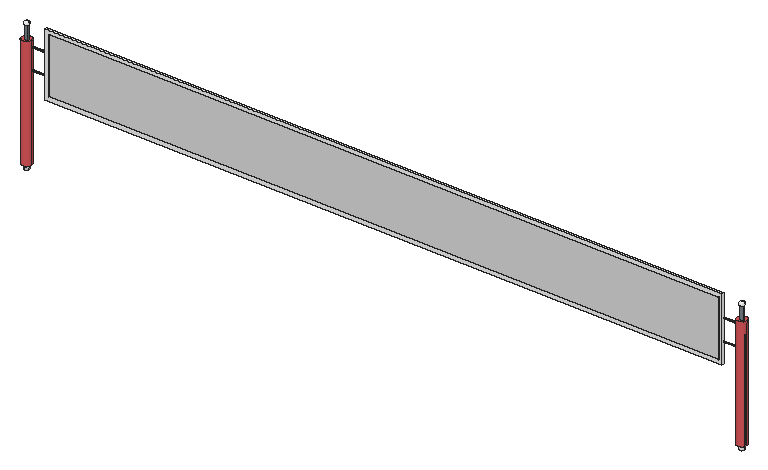
Revit family "Volleyball-System_CarbonLite-Composite_VB7222", category Specialty Equipment, Revit 2018
Family settings
  Round Connector Dimension = Use Diameter
  Part Type = Normal
  OmniClass Number = 23.40.50.34.24
  OmniClass Title = Nets
  Work Plane-Based = Yes
  Always vertical = Yes
  Cut with Voids When Loaded = No
  Shared = No
  Room Calculation Point = No
Parameters (values of type "as Specified")
  Warranty Duration (Years) = 0
  URL = "https://ipibybison.com/"
  Top of Net [instance] = 6' - 10"
  Test Data = "http://www.ipibybison.com/ToolBox.php"
  Standards Conformance = "as Specified"
  Specification = "https://www.arcat.com/arcatcos/cos49/arc49571.html"
  SpecWizard = "https://www.arcat.com/specwizard/specwizard.shtml"
  Sales Information = "http://www.ipibybison.com/DealersPage.php"
  Rim Color [instance] = Finish - IPI by Bison - White
  Revision = "R1_2018-09"
  Product Properties = "http://www.ipibybison.com/products.php"
  Product Data = "http://www.arcat.com/arcatcos/cos38/arc38554.html"
  Padding Height [instance] = 6' - 0"
  Padding Color [instance] = Plastic - IPI by Bison - Scarlet SC
  Net Color [instance] = Finish - IPI by Bison - White Netting
  Model = "As Specified"
  Manufacturer Website = "http://www.ipibybison.com/"
  Manufacturer Phone - Toll Free = "888-438-5311"
  Manufacturer Phone = "888-438-5311"
  Manufacturer Fax = "888-438-5312"
  Manufacturer Address = "603 L St.   Lincoln, NE 68508"
  Manufacturer = "BRP by bison"
  Maintenance Schedule (Months) = 0
  Keynote = "11 66 00"
  Installation-Fabrication = "http://www.ipibybison.com/InstallersPage.php"
  Installation Phase = ""
  Include Post Padding [instance] = yes
  Green Building-LEED = "https://www.arcat.com/green/green_building.shtml"
  Frame Finish [instance] = Finish - IPI by Bison - CarbonLite Composite
  Foot Color [instance] = Finish - IPI by Bison - Chrome
  Expected Lifespan (Years) = 0
  Drawn By = "Sumex Design, Inc. / Robert S. Weygant, CSI, CDT, SCIP"
  Description = "IPI by Bison Gymnasium Equipment"
  Default Elevation = 0' - 0"
  Copyright = "©Arcat Inc."
  Construction Details = "https://www.arcat.com/downloads/38554-brpbis/bim/bison/BRP%20by%20bison"
  Center to Center Posts = 37' - 0"
  Category = ""
  Building Codes = "https://www.brpbybison.com/submittals.html"
  Assembly Code = "E1090"
Reference planes (in)
  plane 1 "Center (Front/Back)": y = 0
  plane 2 "Bottom": z = 0
  plane 3 "Center (Left/Right)": x = 0
  plane 4: through (0, 49.70196, 109.48259) normal (0, 0.0101, 0.9999)
  plane 5: through (0, 57.67625, 95.78495) normal (0, 0.0101, 0.9999)
  plane 6: through (0, 22.48153, 47.07738) normal (0, 0.74, 0.6726)
  plane 7: z = 82
  plane 8: x = -222
  plane 9: x = 222
  plane 10: z = 42.625
  plane 11: z = 68.875
  plane 12: z = 55.75
  plane 13: x = -210
  plane 14: x = 210
Forms (in)
  Extrusion 1, solid, material "Plastic - IPI by Bison - Scarlet SC" <- "Padding Color", visible <- "Include Post Padding"
    sketch origin (0, 0, 0) x (1, 0, 0) y (0, 1, 0)
      loop
        circle (-222, 0) r 3
      loop
        circle (222, 0) r 3
    from 3 to 72 <- "Padding Height"
  Revolve 2, solid
    sketch origin (0, 0, 0) x (1, 0, 0) y (0, 0, 1)
      loop
        line (-222, 0) -> (-220.5, 0) -> (-220.5, 1.25) -> (-221.25, 1.25) -> (-221.25, 2.25) -> (-222, 2.25) -> (-222, 0)
      axis (-222, 2.25) -> (-222, 0)
    angle from 0 to 360
  Revolve 3, solid, material "Finish - IPI by Bison - Chrome" <- "Foot Color"
    sketch origin (0, 0, 0) x (-1, 0, 0) y (0, 0, 1)
      loop
        line (-222, 0) -> (-220.5, 0) -> (-220.5, 1.25) -> (-221.25, 1.25) -> (-221.25, 2.25) -> (-222, 2.25) -> (-222, 0)
      axis (-222, 2.25) -> (-222, 0)
    angle from 0 to 360
  Extrusion 4, solid, material "Finish - IPI by Bison - White" <- "Rim Color"
    sketch origin (0, 0, 0) x (1, 0, 0) y (0, 0, 1)
      loop
        line (-210, 82) -> (-210, 42.625) -> (210, 42.625) -> (210, 82) -> (-210, 82)
      loop
        line (-208, 80) -> (-208, 44.625) -> (208, 44.625) -> (208, 80) -> (-208, 80)
    from 0.5 to -0.5
  Extrusion 5, solid, material "Finish - IPI by Bison - White" <- "Rim Color"
    sketch origin (0, 0, 0) x (1, 0, 0) y (0, 0, 1)
      loop
        line (-222, 69.125) -> (-222, 68.625) -> (-208.75, 68.625) -> (-208.75, 69.125) -> (-222, 69.125)
      loop
        line (-222, 56) -> (-222, 55.5) -> (-208.75, 55.5) -> (-208.75, 56) -> (-222, 56)
      loop
        line (222, 69.125) -> (208.75, 69.125) -> (208.75, 68.625) -> (222, 68.625) -> (222, 69.125)
      loop
        line (222, 56) -> (208.75, 56) -> (208.75, 55.5) -> (222, 55.5) -> (222, 56)
    from 0.25 to -0.25
  Extrusion 6, solid, material "Finish - IPI by Bison - White Netting" <- "Net Color"
    sketch origin (0, 0, 0) x (1, 0, 0) y (0, 0, 1)
      loop
        line (-208, 80) -> (-208, 44.625) -> (208, 44.625) -> (208, 80) -> (-208, 80)
    from 0.25 to -0.25
  Revolve 7, solid, material "Finish - IPI by Bison - CarbonLite Composite" <- "Frame Finish"
    sketch origin (0, 0, 0) x (1, 0, 0) y (0, 0, 1)
      loop
        line (-221, 80.5) -> (-222, 80.5) -> (-222, 2.25) -> (-220.5, 2.25) -> (-220.5, 70) -> (-221, 70) -> (-221, 80.5)
      axis (-222, 2.25) -> (-222, 80.5)
    angle from 0 to 360
  Revolve 8, solid, material "Finish - IPI by Bison - CarbonLite Composite" <- "Frame Finish"
    sketch origin (0, 0, 0) x (-1, 0, 0) y (0, 0, 1)
      loop
        line (-221, 80.5) -> (-222, 80.5) -> (-222, 2.25) -> (-220.5, 2.25) -> (-220.5, 70) -> (-221, 70) -> (-221, 80.5)
      axis (-222, 2.25) -> (-222, 80.5)
    angle from 0 to 360
  Revolve 9, solid, material "Finish - IPI by Bison - White" <- "Rim Color"
    sketch origin (0, 0, 0) x (1, 0, 0) y (0, 0, 1)
      loop
        line (-222, 82) -> (-222, 80.5) -> (-220.5, 80.5)
        arc (-220.5, 80.5) -> (-220.93934, 81.56066) -> (-222, 82) r 1.5
      axis (-222, 82) -> (-222, 80.5)
    angle from 0 to 360
  Revolve 10, solid, material "Finish - IPI by Bison - Chrome" <- "Foot Color"
    sketch origin (0, 0, 0) x (-1, 0, 0) y (0, 0, 1)
      loop
        line (-222, 82) -> (-222, 80.5) -> (-220.5, 80.5)
        arc (-220.5, 80.5) -> (-220.93934, 81.56066) -> (-222, 82) r 1.5
      axis (-222, 82) -> (-222, 80.5)
    angle from 0 to 360
Dimensions and locks (in)
  equal spacing: plane 8, plane 3 "Center (Left/Right)", plane 9
  "Center to Center Posts": plane 8 to plane 9
  locked: plane 1 "Center (Front/Back)" to Extrusion 1 sketch curve at 0
  locked: plane 8 to Extrusion 1 sketch curve at 0
  locked: plane 9 to Extrusion 1 sketch curve
  locked: Extrusion 1 sketch curve to plane 1 "Center (Front/Back)" at 0
  "Top of Net": plane 7 to level
  locked: plane 7 to plane 10 at 39.375
  equal spacing: plane 7, plane 11, plane 12, plane 10
  locked: plane 13 to plane 8 at 12
  locked: plane 9 to plane 14 at 12
  locked: plane 7 to Extrusion 4 sketch curve at 2
  locked: Extrusion 4 sketch curve to plane 10 at 2
  locked: Extrusion 4 sketch curve to plane 14 at 2
  locked: Extrusion 4 sketch curve to plane 13 at 2
  locked: Extrusion 5 sketch curve to plane 13 at 1.25  (x2)
  locked: Extrusion 5 sketch curve to plane 14 at 1.25  (x2)
  locked: Extrusion 6 sketch curve to plane 14 at 2
  locked: Extrusion 6 sketch curve to plane 13 at 2
  locked: plane 7 to Extrusion 6 sketch curve at 2
  locked: Extrusion 6 sketch curve to plane 10 at 2
  locked: Revolve 7 sketch curve to level at 70
  locked: Revolve 8 sketch curve to level at 70
  aligned and locked: Revolve 2 sketch curve to plane 8
  aligned and locked: Revolve 3 sketch curve to plane 9
  aligned and locked: Extrusion 4 sketch curve to plane 7
  aligned and locked: Extrusion 4 sketch curve to plane 10
  aligned and locked: plane 14 to Extrusion 4 sketch curve
  aligned and locked: Extrusion 4 sketch curve to plane 13
  aligned and locked: plane 8 to Extrusion 5 sketch curve  (x2)
  aligned and locked: plane 9 to Extrusion 5 sketch curve  (x2)
  aligned and locked: Revolve 9 sketch curve to plane 8  (x2)
  aligned and locked: Revolve 10 sketch curve to plane 9  (x2)
Automatic sketch dimensions
  Revolve 2 sketch curve to level = 0' - 0"
  Revolve 2 sketch curve to plane 8 = 0' - 0"
  plane 8 to Revolve 2 sketch curve = 0' - 0 3/4"
  Revolve 2 sketch curve to Revolve 2 sketch curve = 0' - 0 3/4"
  Revolve 2 sketch curve to Revolve 2 sketch curve = 0' - 1 1/4"
  Revolve 2 sketch curve to Revolve 2 sketch curve = 0' - 1"
  Revolve 2 sketch curve to level = 0' - 3.01959"
  Revolve 2 sketch curve to Revolve 2 sketch curve = 1' - 0.48041"
  Revolve 3 sketch curve to level = 0' - 0"
  Revolve 3 sketch curve to plane 9 = 0' - 0"
  plane 9 to Revolve 3 sketch curve = 0' - 0 3/4"
  Revolve 3 sketch curve to Revolve 3 sketch curve = 0' - 0 3/4"
  Revolve 3 sketch curve to level = 0' - 1 1/4"
  Revolve 3 sketch curve to Revolve 3 sketch curve = 0' - 1"
  Revolve 3 sketch curve to Revolve 3 sketch curve = 0' - 3.01959"
  Revolve 3 sketch curve to Revolve 3 sketch curve = 1' - 0.48041"
  Extrusion 5 sketch curve to plane 12 = 0' - 0 1/4"  (x2)
  plane 12 to Extrusion 5 sketch curve = 0' - 0 1/4"  (x2)
  Extrusion 5 sketch curve to plane 11 = 0' - 0 1/4"  (x2)
  plane 11 to Extrusion 5 sketch curve = 0' - 0 1/4"  (x2)
  Revolve 7 sketch curve to plane 8 = 0' - 0"  (x2)
  plane 8 to Revolve 7 sketch curve = 0' - 1"
  plane 8 to Revolve 7 sketch curve = 0' - 1 1/2"
  level to Revolve 7 sketch curve = 0' - 2 1/4"
  Revolve 7 sketch curve to plane 7 = 0' - 1 1/2"
  Revolve 7 sketch curve to level = 0' - 2 3/8"
  Revolve 7 sketch curve to Revolve 7 sketch curve = 0' - 4 7/8"
  Revolve 8 sketch curve to plane 9 = 0' - 0"  (x2)
  plane 9 to Revolve 8 sketch curve = 0' - 1"
  plane 9 to Revolve 8 sketch curve = 0' - 1 1/2"
  Revolve 8 sketch curve to level = 0' - 2 1/4"
  plane 7 to Revolve 8 sketch curve = 0' - 1 1/2"
  level to Revolve 8 sketch curve = 0' - 2 3/8"
  Revolve 8 sketch curve to Revolve 8 sketch curve = 0' - 4 7/8"
  Revolve 9 sketch curve to plane 7 = 0' - 0"  (x2)
  Revolve 9 sketch curve to Revolve 9 sketch curve = 0' - 1 1/2"
  Revolve 9 sketch curve to Revolve 9 sketch curve = 0' - 0"
  Revolve 10 sketch curve to plane 7 = 0' - 0"  (x2)
  Revolve 10 sketch curve to Revolve 10 sketch curve = 0' - 1 1/2"
  Revolve 10 sketch curve to Revolve 10 sketch curve = 0' - 0"
  radius of Extrusion 1 sketch curve = 0' - 3"  (x2)
